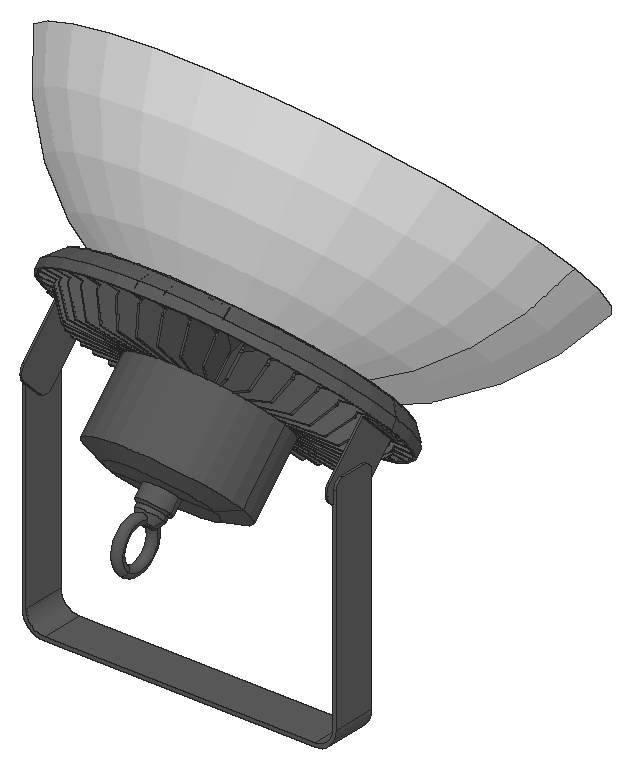
Revit family "0039344+0039353+0039356 Feilo Sylvania Lighting Fixture START HIGHBAY 4K 13KLM MEDIUM with BRACKET and ALU SHADE ALU COLOR", category Lighting Fixtures, host Face, Revit 2017
Family settings
  Host = Face
  Round Connector Dimension = Use Diameter
  Part Type = Normal
  OmniClass Number = 23.80.70.00
  OmniClass Title = Lighting
  Cut with Voids When Loaded = No
  Light Source = No
  Shared = No
  Room Calculation Point = No
Parameters (values of type "0039344+0039353+0039356 START HIGHBAY 4K 13KLM MEDIUM with BRACKET and ALU SHADE ALU COLOR")
  Weight = "3.0 kg"
  Wattage Comments = ""
  WarrantyStartDate [instance] = "n/a"
  WarrantyGuarantorParts = "n/a"
  WarrantyDurationUnit = "n/a"
  WarrantyDurationParts = "n/a"
  WarrantyDescription = "n/a"
  Voltage = 230 V
  URL = "http://www.sylvania-lighting.com"
  TypeName = "START HIGHBAY 4K 13KLM MEDIUM with BRACKET and ALU SHADE ALU COLOR"
  TypeHead_FEILO = Start LED Highbay Head : 0039344+0039353+0039356 START HIGHBAY 4K 13KLM MEDIUM with BRACKET and ALU SHADE ALU COLOR
  Type Image = <None>
  Type Comments = "n/a"
  TiltAngle_FEILO [instance] = 45.00°
  ThicknessBracketPlate_FEILO = 3 mm
  SizeBracketS_FEILO = yes
  SizeBracketM_FEILO = no
  SerialNumber [instance] = "n/a"
  RadiusBracketTop_FEILO = 7 mm
  RadiusBendOut_FEILO = if(SizeBracketS_FEILO, 18 mm, if(SizeBracketM_FEILO, 24 mm, 28 mm))  # 18 mm
  RadiusBendIn_FEILO = RadiusBendOut_FEILO - ThicknessBracketPlate_FEILO  # 15 mm
  Material_3_FEILO = none
  PowerFactor = 0.95
  PowerConsumption = "100 W"
  NominalLength = 270 mm
  NominalHeight = 170 mm
  NominalDepth = 270 mm
  Name = "START HIGHBAY 4K 13KLM MEDIUM with BRACKET and ALU SHADE ALU COLOR"
  ModelReference = Name  # "START HIGHBAY 4K 13KLM MEDIUM with BRACKET and ALU SHADE ALU COLOR"
  ModelNumber = "0039344+0039353+0039356"
  Model = Name  # "START HIGHBAY 4K 13KLM MEDIUM with BRACKET and ALU SHADE ALU COLOR"
  Material = "aluminium alloy housing, polycarbonate diffuser"
  ManufacturerName = "Feilo Sylvania"
  Manufacturer = "Feilo Sylvania"
  LuminousEfficacy = "130 lm/W"
  LuminaireType = ""
  LightOutputRatio = "n/a"
  LampsType = Lamp  # "LED"
  LampNominalLuminous = "13000 lm"
  LampMacAdamStep = "n/a"
  LampColourTemperature = "4000 K"
  LampColourRenderingIndex = "80"
  Lamp = "LED"
  Keynote = "16500"
  InstallationDate [instance] = "n/a"
  InputVoltage = "220-240V~"
  InputNominalFrequency = "50/60 Hz"
  IngressProtection = "IP65"
  ImpactProtectionIndex = "IK08"
  IfcExportType = "IfcLightFixtureType"
  IfcExportAs = "IfcLightFixtureType"
  ExpectedLife = 50000
  EndAngle_FEILO [instance] = TiltAngle_FEILO + 180.00°  # 225.00°
  ElectricShockClassification = "Class I"
  DurationUnit = "hours"
  DocumentationLiterature = "http://www.sylvania-lighting.com/product/en-int/products/0039344"
  DimmingControlOptions = "n/a"
  Material_2_FEILO = none
  Description = "START HIGHBAY, includes 1 m cables, black aluminium housing, 13000LM, 100W, 130lm/W, 4000K, Driver current: 2140mA, CR80, 60° beam angle, 1-10V dimmable,  IP65, IK08, 50,000 hrs (L70B50), (LxWxH) 270x270x170mm"
  Default Elevation = 1219.2 mm
  CreatedOn = "2/28/2018"
  CreatedBy = ""
  Cost = 0
  built-in parameter 1114216 [instance] = (empty or 0)
  ClassificationValue = "EF_70_80"
  ClassificationName = "Uniclass2015"
  Material_1_FEILO = Body-Sylvania-StartHighbay-Black
  BracketHeight_FEILO = if(SizeBracketS_FEILO, 199.5 mm, if(SizeBracketM_FEILO, 209.6 mm, 201.3 mm))  # 199.5 mm
  BracketDistanceInner_FEILO = if(SizeBracketS_FEILO, 249.4 mm, if(SizeBracketM_FEILO, 273.6 mm, 313.2 mm))  # 249.4 mm
  BarCode [instance] = "n/a"
  AssetType = "Fixed"
  AssetIdentifier [instance] = "n/a"
  Assembly Code = "D5020200"
  Apparent Load = 100 VA
  Material_4_FEILO = none
Reference planes
  plane 1 "Center (Front/Back)": y = 0
  plane 2: z = 0
  plane 3 "Center (Left/Right)": x = 0
  plane 4: x = -127.7
  plane 5: x = 127.7
  plane 6: z = 199.5
  plane 7: x = -124.7
  plane 8: z = 3
  plane 9: x = 124.7
  plane 10: y = 17.5
  plane 11: y = -17.5
  plane 12: y = -19.5
  plane 13: z = 201.5
  plane 14: y = 19.5
  plane 15: z = 190.5
Forms (mm)
  Extrusion 1, solid, material "Body-Sylvania-StartHighbay-Black" <- "Material_1_FEILO"
    sketch origin (0, 0, 0) x (1, 0, 0) y (0, 0, 1)
      loop
        line (-127.7, 199.5) -> (-127.7, 18)
        arc (-127.7, 18) -> (-122.428, 5.272) -> (-109.7, 0) r 18
        line (-109.7, 0) -> (109.7, 0)
        arc (109.7, 0) -> (122.428, 5.272) -> (127.7, 18) r 18
        line (127.7, 18) -> (127.7, 199.5) -> (124.7, 199.5) -> (124.7, 18)
        arc (124.7, 18) -> (120.307, 7.393) -> (109.7, 3) r 15
        line (109.7, 3) -> (-109.7, 3)
        arc (-109.7, 3) -> (-120.307, 7.393) -> (-124.7, 18) r 15
        line (-124.7, 18) -> (-124.7, 199.5) -> (-127.7, 199.5)
    from -17.5 to 17.5
  Extrusion 2, void
    sketch origin (0, 0, 0) x (0, 1, 0) y (0, 0, 1)
      loop
        arc (10.5, 199.5) -> (15.45, 197.45) -> (17.5, 192.5) r 7
        line (17.5, 192.5) -> (19.5, 192.5) -> (19.5, 201.5) -> (-19.5, 201.5) -> (-19.5, 192.5) -> (-17.5, 192.5)
        arc (-17.5, 192.5) -> (-15.45, 197.45) -> (-10.5, 199.5) r 7
        line (-10.5, 199.5) -> (10.5, 199.5)
    from -127.7 to 127.7
  Revolve 3, solid, not visible
    sketch origin (1223.4, -4572, 190.5) x (0, -1, 0) y (1, 0, 0)
      loop
        line (-4572, -1223.4) -> (-4591.5, -1223.4) -> (-4591.5, -1277.783) -> (-4572, -1277.783) -> (-4572, -1223.4)
      axis (-4572, -1223.4) -> (-4572, -1277.783)
    angle from 45 <- "TiltAngle_FEILO" to 225 <- "EndAngle_FEILO"
Cuts and joins
  Extrusion 2 cuts Extrusion 1
Dimensions and locks
  "BracketHeight_FEILO": plane 6 to plane 2
  equal spacing: plane 11, plane 1 "Center (Front/Back)", plane 10
  locked: plane 11 to plane 10 at 35
  equal spacing: plane 9, plane 3 "Center (Left/Right)", plane 7
  "BracketDistanceInner_FEILO": plane 9 to plane 7
  "ThicknessBracketPlate_FEILO": plane 7 to plane 4
  "ThicknessBracketPlate_FEILO": plane 8 to plane 2
  equal spacing: plane 5, plane 3 "Center (Left/Right)", plane 4
  equal spacing: plane 12, plane 1 "Center (Front/Back)", plane 14
  locked: plane 6 to plane 13 at 2
  locked: plane 12 to plane 11 at 2
  locked: plane 6 to plane 15 at 9
  "RadiusBendOut_FEILO": radius of Extrusion 1 sketch curve  (x2)
  "RadiusBendIn_FEILO": radius of Extrusion 1 sketch curve  (x2)
  "RadiusBracketTop_FEILO": radius of Extrusion 2 sketch curve  (x2)
  aligned and locked: plane 2 to host face
  aligned and locked: level to host face
  aligned and locked: Extrusion 1 sketch curve to plane 4
  aligned and locked: Extrusion 1 sketch curve to level
  aligned and locked: plane 6 to Extrusion 1 sketch curve
  aligned and locked: Extrusion 1 sketch curve to plane 6
  aligned and locked: Extrusion 1 sketch curve to plane 7
  aligned and locked: plane 9 to Extrusion 1 sketch curve
  aligned and locked: plane 8 to Extrusion 1 sketch curve
  aligned and locked: Extrusion 1 to plane 10
  aligned and locked: plane 11 to Extrusion 1
  aligned and locked: Extrusion 1 to Extrusion 2 sketch curve
  aligned and locked: plane 14 to Extrusion 2 sketch curve  (x2)
  aligned and locked: Extrusion 2 sketch curve to plane 12
  aligned and locked: plane 13 to Extrusion 2 sketch curve
  aligned and locked: plane 5 to Extrusion 2
  aligned and locked: Extrusion 2 to plane 4
  aligned and locked: Revolve 3 sketch curve to plane 1 "Center (Front/Back)"
  aligned and locked: Revolve 3 sketch curve to Revolve 3 sketch curve
  aligned and locked: plane 3 "Center (Left/Right)" to Revolve 3 sketch curve
  aligned and locked: Revolve 3 sketch curve to plane 14
  aligned and locked: nested 1 to plane 3 "Center (Left/Right)"
Automatic sketch dimensions
  host sketch curve to host sketch curve = 2438.4 mm  (x2)
  Revolve 3 sketch curve to Revolve 3 sketch curve = 54.383 mm
  Revolve 3 sketch curve to plane 4 = 1396.3 mm
  plane 5 to Revolve 3 sketch curve = 1396.3 mm
  Extrusion 1 sketch curve to Extrusion 1 sketch curve = 0 mm
  Extrusion 2 sketch curve to plane 11 = 0 mm
  Extrusion 2 sketch curve to plane 10 = 0 mm
Nested families
  nested 1: "Start LED Highbay Head" at (0, 0, 190.5) x (-1, 0, 0) z (0, 0.7071, 0.7071), type <- "TypeHead_FEILO", type "0039344+0039353+0039356 START HIGHBAY 4K 13KLM MEDIUM with BRACKET and ALU SHADE ALU COLOR"
    with built-in parameter 1114216 (empty or 0)
Connectors
  electrical at (0, 0, 0), driven by "Apparent Load", driven by "PowerFactor", driven by "Voltage"
    settings: index 1, voltage 230 V, apparent load 100 VA, apparent load phase1 0 VA, apparent load phase2 0 VA, apparent load phase3 0 VA, power factor 0.95, load classification "Lighting", number of poles 1, system type 30, power factor state 1, is connector primary yes, connector utility no, sub classification motor no, connector description ""
Definition of nested family "Start LED Highbay Head"
  Parameters (values of type "0039351+0039354+0039358 START HIGHBAY 6K 19KLM WIDE with BRACKET and PC LAMPSHADE TRANSPARENT ")
    X_FEILO = if(SizeS_FEILO, 60.3 mm, if(SizeM_FEILO, 70.4 mm, 83.5 mm))  # 70.4 mm
    WidthStraight_FEILO = if(SizeS_FEILO, 3 mm, if(SizeM_FEILO, 4 mm, 4.7 mm))  # 4 mm
    WidthRingChamfer_FEILO = if(SizeS_FEILO, 10.3 mm, if(SizeM_FEILO, 11.2 mm, 12.9 mm))  # 11.2 mm
    WidthCurved_FEILO = if(SizeS_FEILO, 17.4 mm, if(SizeM_FEILO, 16.4 mm, 26.2 mm))  # 16.4 mm
    WidthCurvedRing_FEILO = if(SizeS_FEILO, 3 mm, if(SizeM_FEILO, 4 mm, 4.7 mm))  # 4 mm
    WidthBracket_FEILO = 40 mm
    Wattage Comments = ""
    Wattage = 150 W
    built-in parameter 1150110 = 1 (stored number, unit not read)
    URL = "http://www.feilosylvania.com"
    Type Image = (empty or 0)
    Type Comments = "n/a"
    built-in parameter 1114217 = 1 (stored number, unit not read)
    Tilt Angle = -90.00°
    ThicknessWall_FEILO = 1.5 mm
    ThicknessBracket_FEILO = 1.5 mm
    ThicknessBracketHalf_FEILO = ThicknessBracket_FEILO / 2  # 0.75 mm
    built-in parameter 1150109 = 1 (stored number, unit not read)
    built-in parameter 1150134 = 1
    built-in parameter 1150113 = 1 (stored number, unit not read)
    SizeS_FEILO = no
    SizeM_FEILO = yes
    ShadeThickness_FEILO = 3 mm
    ShadeSizeSM_FEILO = or(SizeS_FEILO, SizeM_FEILO)  # yes
    ShadeRadiusOut_FEILO = 205 mm
    ShadeRadiusIn_FEILO = if(ShadeSizeSM_FEILO, 95 mm, 121 mm)  # 95 mm
    ShadeRadiusBend_FEILO = if(ShadeSizeSM_FEILO, 210 mm, 210 mm)  # 210 mm
    ShadeOn_FEILO = yes
    ShadeHeight_FEILO = if(ShadeSizeSM_FEILO, 120 mm, 151 mm)  # 120 mm
    Rib4_FEILO = if(SizeS_FEILO, 18.1 mm, if(SizeM_FEILO, 13.6 mm, 14.6 mm))  # 13.6 mm
    Rib3_FEILO = if(SizeS_FEILO, 15.3 mm, if(SizeM_FEILO, 17.6 mm, 20.2 mm))  # 17.6 mm
    Rib2_FEILO = if(SizeS_FEILO, 3.6 mm, if(SizeM_FEILO, 3.9 mm, 4.5 mm))  # 3.9 mm
    Rib1_FEILO = if(SizeS_FEILO, 15.1 mm, if(SizeM_FEILO, 16.5 mm, 19 mm))  # 16.5 mm
    RadiusDiffuser_FEILO = if(SizeS_FEILO, 95.2 mm, if(SizeM_FEILO, 105.3 mm, 120 mm))  # 105.3 mm
    RadiusArrayPost_FEILO = DriverRadius_FEILO - 6 mm  # 61.2 mm
    RHRadius3_FEILO = if(SizeS_FEILO, 6.6 mm, if(SizeM_FEILO, 7.4 mm, 8.6 mm))  # 7.4 mm
    RHRadius2_FEILO = if(SizeS_FEILO, 11 mm, if(SizeM_FEILO, 12 mm, 14 mm))  # 12 mm
    RHRadius1_FEILO = if(SizeS_FEILO, 13.6 mm, if(SizeM_FEILO, 14.9 mm, 17.7 mm))  # 14.9 mm
    RHHeight4_FEILO = if(SizeS_FEILO, 7.3 mm, if(SizeM_FEILO, 8 mm, 9.2 mm))  # 8 mm
    RHHeight3_FEILO = if(SizeS_FEILO, 3.6 mm, if(SizeM_FEILO, 3.7 mm, 4.6 mm))  # 3.7 mm
    RHHeight2_FEILO = if(SizeS_FEILO, 2 mm, if(SizeM_FEILO, 2.2 mm, 2.6 mm))  # 2.2 mm
    RHHeight1_FEILO = if(SizeS_FEILO, 11.8 mm, if(SizeM_FEILO, 15.3 mm, 17.4 mm))  # 15.3 mm
    Photometric Web File = "0039351+0039358.ies"
    Material_5_FEILO = none
    Material_3_FEILO = none
    Model = "START HIGHBAY 6K 19KLM WIDE with BRACKET and PC LAMPSHADE TRANSPARENT"
    Manufacturer = "Feilo Sylvania"
    built-in parameter 1150105 = 10854.2 (stored number, unit not read)
    Lumens = 19500 lm
    built-in parameter 1150115 = 1 (stored number, unit not read)
    built-in parameter 1150137 = (empty or 0)
    built-in parameter 1150139 = (empty or 0)
    built-in parameter 1150112 = 1 (stored number, unit not read)
    built-in parameter 1150114 = 1 (stored number, unit not read)
    Lamp = "LED"
    Keynote = "16500"
    built-in parameter 1150132 = (empty or 0)
    built-in parameter 1150102 = (empty or 0)
    built-in parameter 1150107 = 6500 (stored number, unit not read)
    built-in parameter 1150138 = (empty or 0)
    built-in parameter 1150106 = 108.54 (stored number, unit not read)
    HeightRing_FEILO = if(SizeS_FEILO, 19.8 mm, if(SizeM_FEILO, 32 mm, 36.8 mm))  # 32 mm
    HeightRingChamfer_FEILO = if(SizeS_FEILO, 11.7 mm, if(SizeM_FEILO, 23.2 mm, 26.6 mm))  # 23.2 mm
    EyeThickness_FEILO = if(SizeS_FEILO, 8.4 mm, if(SizeM_FEILO, 9.2 mm, 10.5 mm))  # 9.2 mm
    EyeThicknessHalf_FEILO = EyeThickness_FEILO / 2  # 4.6 mm
    EyeInner_FEILO = if(SizeS_FEILO, 13.8 mm, if(SizeM_FEILO, 15.1 mm, 17.3 mm))  # 15.1 mm
    Emit from Circle Diameter = RadiusDiffuser_FEILO * 2  # 210.6 mm
    Emit Shape Visible in Rendering = no
    built-in parameter 1150104 = 12.077 (stored number, unit not read)
    DriverVerticalStraight_FEILO = if(SizeS_FEILO, 46.5 mm, if(SizeM_FEILO, 49.7 mm, 57 mm))  # 49.7 mm
    DriverVerticalChamfer_FEILO = if(SizeS_FEILO, 7.5 mm, if(SizeM_FEILO, 8.2 mm, 9.5 mm))  # 8.2 mm
    DriverRadius_FEILO = if(SizeS_FEILO, 61.4 mm, if(SizeM_FEILO, 67.2 mm, 76.4 mm))  # 67.2 mm
    DriverRadiusTop_FEILO = if(SizeS_FEILO, 42 mm, if(SizeM_FEILO, 45.3 mm, 52.4 mm))  # 45.3 mm
    DriverBottom_FEILO = if(SizeS_FEILO, 56 mm, if(SizeM_FEILO, 64.5 mm, 74 mm))  # 64.5 mm
    Material_2_FEILO = none
    Radius_FEILO = if(SizeS_FEILO, 135 mm, if(SizeM_FEILO, 148 mm, 169.5 mm))  # 148 mm
    Dimming Lamp Color Temperature Shift = (empty or 0)
    DiameterWire_FEILO = 3 mm
    DiameterWireSupport_FEILO = 10 mm
    Description = "START HIGHBAY, includes 1 m cables, black aluminium housing, 19500LM, 150W, 130lm/W, 6500K, Driver current: 2140mA, CR80, 60° beam angle, 1-10V dimmable,  IP65, IK08, 50,000 hrs (L70B50), (LxWxH) 296x296x177mm"
    Default Elevation = 1219.2 mm
    Cost = 0
    Color Filter = 16777215
    built-in parameter 1114216 [instance] = (empty or 0)
    Material_1_FEILO = none
    built-in parameter 1114218 = 1 (stored number, unit not read)
    built-in parameter 1150133 = 10 (stored number, unit not read)
    Assembly Code = "D5020200"
    Apparent Load = 150 VA
    Material_4_FEILO = none
  Types (36, lengths in mm): name | X_FEILO | WidthStraight_FEILO | WidthRingChamfer_FEILO | WidthCurved_FEILO | WidthCurvedRing_FEILO | Wattage | built-in parameter 1150134 | SizeS_FEILO | SizeM_FEILO | ShadeSizeSM_FEILO | ShadeRadiusIn_FEILO | ShadeOn_FEILO | ShadeHeight_FEILO | Rib4_FEILO | Rib3_FEILO | Rib2_FEILO | Rib1_FEILO | RadiusDiffuser_FEILO | RadiusArrayPost_FEILO | RHRadius3_FEILO | RHRadius2_FEILO | RHRadius1_FEILO | RHHeight4_FEILO | RHHeight3_FEILO | RHHeight2_FEILO | RHHeight1_FEILO | Photometric Web File | Model | built-in parameter 1150105 | Lumens | built-in parameter 1150107 | built-in parameter 1150106 | HeightRing_FEILO | HeightRingChamfer_FEILO | EyeThickness_FEILO | EyeThicknessHalf_FEILO | EyeInner_FEILO | Emit from Circle Diameter | DriverVerticalStraight_FEILO | DriverVerticalChamfer_FEILO | DriverRadius_FEILO | DriverRadiusTop_FEILO | DriverBottom_FEILO | Radius_FEILO | Description | Apparent Load
    0039352+0039355+0039361 START HIGHBAY 6K 26KLM WIDE with BRACKET and PC LAMPSHADE TRANSPARENT | 83.5 | 4.7 | 12.9 | 26.2 | 4.7 | 200 W | 1 | no | no | no | 121 | yes | 151 | 14.6 | 20.2 | 4.5 | 19 | 120 | 70.4 | 8.6 | 14 | 17.7 | 9.2 | 4.6 | 2.6 | 17.4 | "0039352+0039361.ies" | "START HIGHBAY 6K 26KLM WIDE with BRACKET and PC LAMPSHADE TRANSPARENT" | 17911 (stored number, unit not read) | 26000 lm | 6500 (stored number, unit not read) | 179.11 (stored number, unit not read) | 36.8 | 26.6 | 10.5 | 5.25 | 17.3 | 240 | 57 | 9.5 | 76.4 | 52.4 | 74 | 169.5 | "START HIGHBAY, includes 1 m cables, black aluminium housing, 26000LM, 200W, 130lm/W, 6500K, Driver current: 5000mA, CR80, 60° beam angle, 1-10V dimmable,  IP65, IK08, 50,000 hrs (L70B50), (LxWxH) 339x339x194mm" | 200 VA
    0039352+0039355+0039360 START HIGHBAY 6K 26KLM WIDE with BRACKET and ALU SHADE BLACK COLOR | 83.5 | 4.7 | 12.9 | 26.2 | 4.7 | 200 W | 1 | no | no | no | 121 | yes | 151 | 14.6 | 20.2 | 4.5 | 19 | 120 | 70.4 | 8.6 | 14 | 17.7 | 9.2 | 4.6 | 2.6 | 17.4 | "0039352+0039360.ies" | "START HIGHBAY 6K 26KLM WIDE with BRACKET and ALU SHADE BLACK COLOR" | 14870 (stored number, unit not read) | 26000 lm | 6500 (stored number, unit not read) | 148.7 (stored number, unit not read) | 36.8 | 26.6 | 10.5 | 5.25 | 17.3 | 240 | 57 | 9.5 | 76.4 | 52.4 | 74 | 169.5 | "START HIGHBAY, includes 1 m cables, black aluminium housing, 26000LM, 200W, 130lm/W, 6500K, Driver current: 5000mA, CR80, 60° beam angle, 1-10V dimmable,  IP65, IK08, 50,000 hrs (L70B50), (LxWxH) 339x339x194mm" | 200 VA
    0039352+0039355+0039359 START HIGHBAY 6K 26KLM WIDE with BRACKET and ALU SHADE ALU COLOR | 83.5 | 4.7 | 12.9 | 26.2 | 4.7 | 200 W | 1 | no | no | no | 121 | yes | 151 | 14.6 | 20.2 | 4.5 | 19 | 120 | 70.4 | 8.6 | 14 | 17.7 | 9.2 | 4.6 | 2.6 | 17.4 | "0039352+0039359.ies" | "START HIGHBAY 6K 26KLM WIDE with BRACKET and ALU SHADE ALU COLOR" | 14870 (stored number, unit not read) | 26000 lm | 6500 (stored number, unit not read) | 148.7 (stored number, unit not read) | 36.8 | 26.6 | 10.5 | 5.25 | 17.3 | 240 | 57 | 9.5 | 76.4 | 52.4 | 74 | 169.5 | "START HIGHBAY, includes 1 m cables, black aluminium housing, 26000LM, 200W, 130lm/W, 6500K, Driver current: 5000mA, CR80, 60° beam angle, 1-10V dimmable,  IP65, IK08, 50,000 hrs (L70B50), (LxWxH) 339x339x194mm" | 200 VA
    0039352+0039355 START HIGHBAY 6K 26KLM WIDE with BRACKET | 83.5 | 4.7 | 12.9 | 26.2 | 4.7 | 200 W | 1 | no | no | no | 121 | no | 151 | 14.6 | 20.2 | 4.5 | 19 | 120 | 70.4 | 8.6 | 14 | 17.7 | 9.2 | 4.6 | 2.6 | 17.4 | "0039352.ies" | "START HIGHBAY 6K 26KLM WIDE with BRACKET" | 13836.2 (stored number, unit not read) | 26000 lm | 6500 (stored number, unit not read) | 138.36 (stored number, unit not read) | 36.8 | 26.6 | 10.5 | 5.25 | 17.3 | 240 | 57 | 9.5 | 76.4 | 52.4 | 74 | 169.5 | "START HIGHBAY, includes 1 m cables, black aluminium housing, 26000LM, 200W, 130lm/W, 6500K, Driver current: 5000mA, CR80, 60° beam angle, 1-10V dimmable,  IP65, IK08, 50,000 hrs (L70B50), (LxWxH) 339x339x194mm" | 200 VA
    0039351+0039354+0039358 START HIGHBAY 6K 19KLM WIDE with BRACKET and PC LAMPSHADE TRANSPARENT | 70.4 | 4 | 11.2 | 16.4 | 4 | 150 W | 1 | no | yes | yes | 95 | yes | 120 | 13.6 | 17.6 | 3.9 | 16.5 | 105.3 | 61.2 | 7.4 | 12 | 14.9 | 8 | 3.7 | 2.2 | 15.3 | "0039351+0039358.ies" | "START HIGHBAY 6K 19KLM WIDE with BRACKET and PC LAMPSHADE TRANSPARENT" | 10854.2 (stored number, unit not read) | 19500 lm | 6500 (stored number, unit not read) | 108.54 (stored number, unit not read) | 32 | 23.2 | 9.2 | 4.6 | 15.1 | 210.6 | 49.7 | 8.2 | 67.2 | 45.3 | 64.5 | 148 | "START HIGHBAY, includes 1 m cables, black aluminium housing, 19500LM, 150W, 130lm/W, 6500K, Driver current: 2140mA, CR80, 60° beam angle, 1-10V dimmable,  IP65, IK08, 50,000 hrs (L70B50), (LxWxH) 296x296x177mm" | 150 VA
    0039351+0039354+0039357 START HIGHBAY 6K 19KLM WIDE with BRACKET and ALU SHADE BLACK COLOR | 70.4 | 4 | 11.2 | 16.4 | 4 | 150 W | 1 | no | yes | yes | 95 | yes | 120 | 13.6 | 17.6 | 3.9 | 16.5 | 105.3 | 61.2 | 7.4 | 12 | 14.9 | 8 | 3.7 | 2.2 | 15.3 | "0039351+0039357.ies" | "START HIGHBAY 6K 19KLM WIDE with BRACKET and ALU SHADE BLACK COLOR" | 11152.5 (stored number, unit not read) | 19500 lm | 6500 (stored number, unit not read) | 111.52 (stored number, unit not read) | 32 | 23.2 | 9.2 | 4.6 | 15.1 | 210.6 | 49.7 | 8.2 | 67.2 | 45.3 | 64.5 | 148 | "START HIGHBAY, includes 1 m cables, black aluminium housing, 19500LM, 150W, 130lm/W, 6500K, Driver current: 2140mA, CR80, 60° beam angle, 1-10V dimmable,  IP65, IK08, 50,000 hrs (L70B50), (LxWxH) 296x296x177mm" | 150 VA
    0039351+0039354+0039356 START HIGHBAY 6K 19KLM WIDE with BRACKET and ALU SHADE ALU COLOR | 70.4 | 4 | 11.2 | 16.4 | 4 | 150 W | 1 | no | yes | yes | 95 | yes | 120 | 13.6 | 17.6 | 3.9 | 16.5 | 105.3 | 61.2 | 7.4 | 12 | 14.9 | 8 | 3.7 | 2.2 | 15.3 | "0039351+0039356.ies" | "START HIGHBAY 6K 19KLM WIDE with BRACKET and ALU SHADE ALU COLOR" | 11152.5 (stored number, unit not read) | 19500 lm | 6500 (stored number, unit not read) | 111.52 (stored number, unit not read) | 32 | 23.2 | 9.2 | 4.6 | 15.1 | 210.6 | 49.7 | 8.2 | 67.2 | 45.3 | 64.5 | 148 | "START HIGHBAY, includes 1 m cables, black aluminium housing, 19500LM, 150W, 130lm/W, 6500K, Driver current: 2140mA, CR80, 60° beam angle, 1-10V dimmable,  IP65, IK08, 50,000 hrs (L70B50), (LxWxH) 296x296x177mm" | 150 VA
    0039351+0039354 START HIGHBAY 6K 19KLM WIDE with BRACKET | 70.4 | 4 | 11.2 | 16.4 | 4 | 150 W | 1 | no | yes | yes | 95 | no | 120 | 13.6 | 17.6 | 3.9 | 16.5 | 105.3 | 61.2 | 7.4 | 12 | 14.9 | 8 | 3.7 | 2.2 | 15.3 | "0039351.ies" | "START HIGHBAY 6K 19KLM WIDE with BRACKET" | 10377.1 (stored number, unit not read) | 19500 lm | 6500 (stored number, unit not read) | 103.77 (stored number, unit not read) | 32 | 23.2 | 9.2 | 4.6 | 15.1 | 210.6 | 49.7 | 8.2 | 67.2 | 45.3 | 64.5 | 148 | "START HIGHBAY, includes 1 m cables, black aluminium housing, 19500LM, 150W, 130lm/W, 6500K, Driver current: 2140mA, CR80, 60° beam angle, 1-10V dimmable,  IP65, IK08, 50,000 hrs (L70B50), (LxWxH) 296x296x177mm" | 150 VA
    0039350+0039353+0039358 START HIGHBAY 6K 13KLM WIDE with BRACKET and PC LAMPSHADE TRANSPARENT | 60.3 | 3 | 10.3 | 17.4 | 3 | 100 W | 1 | yes | no | yes | 95 | yes | 120 | 18.1 | 15.3 | 3.6 | 15.1 | 95.2 | 55.4 | 6.6 | 11 | 13.6 | 7.3 | 3.6 | 2 | 11.8 | "0039350+0039358.ies" | "START HIGHBAY 6K 13KLM WIDE with BRACKET and PC LAMPSHADE TRANSPARENT" | 7236.1 (stored number, unit not read) | 13000 lm | 6500 (stored number, unit not read) | 72.361 (stored number, unit not read) | 19.8 | 11.7 | 8.4 | 4.2 | 13.8 | 190.4 | 46.5 | 7.5 | 61.4 | 42 | 56 | 135 | "START HIGHBAY, includes 1 m cables, black aluminium housing, 13000LM, 100W, 130lm/W, 6500K, Driver current: 2140mA, CR80, 60° beam angle, 1-10V dimmable,  IP65, IK08, 50,000 hrs (L70B50), (LxWxH) 270x270x170mm" | 100 VA
    0039350+0039353+0039357 START HIGHBAY 6K 13KLM WIDE with BRACKET and ALU SHADE BLACK COLOR | 60.3 | 3 | 10.3 | 17.4 | 3 | 100 W | 1 | yes | no | yes | 95 | yes | 120 | 18.1 | 15.3 | 3.6 | 15.1 | 95.2 | 55.4 | 6.6 | 11 | 13.6 | 7.3 | 3.6 | 2 | 11.8 | "0039350+0039357.ies" | "START HIGHBAY 6K 13KLM WIDE with BRACKET and ALU SHADE BLACK COLOR" | 7435 (stored number, unit not read) | 13000 lm | 6500 (stored number, unit not read) | 74.35 (stored number, unit not read) | 19.8 | 11.7 | 8.4 | 4.2 | 13.8 | 190.4 | 46.5 | 7.5 | 61.4 | 42 | 56 | 135 | "START HIGHBAY, includes 1 m cables, black aluminium housing, 13000LM, 100W, 130lm/W, 6500K, Driver current: 2140mA, CR80, 60° beam angle, 1-10V dimmable,  IP65, IK08, 50,000 hrs (L70B50), (LxWxH) 270x270x170mm" | 100 VA
    0039350+0039353+0039356 START HIGHBAY 6K 13KLM WIDE with BRACKET and ALU SHADE ALU COLOR | 60.3 | 3 | 10.3 | 17.4 | 3 | 100 W | 1 | yes | no | yes | 95 | yes | 120 | 18.1 | 15.3 | 3.6 | 15.1 | 95.2 | 55.4 | 6.6 | 11 | 13.6 | 7.3 | 3.6 | 2 | 11.8 | "0039350+0039356.ies" | "START HIGHBAY 6K 13KLM WIDE with BRACKET and ALU SHADE ALU COLOR" | 7435 (stored number, unit not read) | 13000 lm | 6500 (stored number, unit not read) | 74.35 (stored number, unit not read) | 19.8 | 11.7 | 8.4 | 4.2 | 13.8 | 190.4 | 46.5 | 7.5 | 61.4 | 42 | 56 | 135 | "START HIGHBAY, includes 1 m cables, black aluminium housing, 13000LM, 100W, 130lm/W, 6500K, Driver current: 2140mA, CR80, 60° beam angle, 1-10V dimmable,  IP65, IK08, 50,000 hrs (L70B50), (LxWxH) 270x270x170mm" | 100 VA
    0039350+0039353 START HIGHBAY 6K 13KLM WIDE with BRACKET | 60.3 | 3 | 10.3 | 17.4 | 3 | 100 W | 1 | yes | no | yes | 95 | no | 120 | 18.1 | 15.3 | 3.6 | 15.1 | 95.2 | 55.4 | 6.6 | 11 | 13.6 | 7.3 | 3.6 | 2 | 11.8 | "0039350.ies" | "START HIGHBAY 6K 13KLM WIDE with BRACKET" | 6918.1 (stored number, unit not read) | 13000 lm | 6500 (stored number, unit not read) | 69.181 (stored number, unit not read) | 19.8 | 11.7 | 8.4 | 4.2 | 13.8 | 190.4 | 46.5 | 7.5 | 61.4 | 42 | 56 | 135 | "START HIGHBAY, includes 1 m cables, black aluminium housing, 13000LM, 100W, 130lm/W, 6500K, Driver current: 2140mA, CR80, 60° beam angle, 1-10V dimmable,  IP65, IK08, 50,000 hrs (L70B50), (LxWxH) 270x270x170mm" | 100 VA
    0039349+0039355+0039361 START HIGHBAY 4K 26KLM WIDE with BRACKET and PC LAMPSHADE TRANSPARENT FOR | 83.5 | 4.7 | 12.9 | 26.2 | 4.7 | 200 W | 12 | no | no | no | 121 | yes | 151 | 14.6 | 20.2 | 4.5 | 19 | 120 | 70.4 | 8.6 | 14 | 17.7 | 9.2 | 4.6 | 2.6 | 17.4 | "0039349+0039361.ies" | "START HIGHBAY 4K 26KLM WIDE with BRACKET and PC LAMPSHADE TRANSPARENT FOR" | 17911 (stored number, unit not read) | 26000 lm | 4000 (stored number, unit not read) | 179.11 (stored number, unit not read) | 36.8 | 26.6 | 10.5 | 5.25 | 17.3 | 240 | 57 | 9.5 | 76.4 | 52.4 | 74 | 169.5 | "START HIGHBAY, includes 1 m cables, black aluminium housing, 26000LM, 200W, 130lm/W, 4000K, Driver current: 5000mA, CR80, 90° beam angle, 1-10V dimmable,  IP65, IK08, 50,000 hrs (L70B50), (LxWxH) 339x339x194mm" | 200 VA
    0039349+0039355+0039360 START HIGHBAY 4K 26KLM WIDE with BRACKET and ALU SHADE BLACK COLOR | 83.5 | 4.7 | 12.9 | 26.2 | 4.7 | 200 W | 12 | no | no | no | 121 | yes | 151 | 14.6 | 20.2 | 4.5 | 19 | 120 | 70.4 | 8.6 | 14 | 17.7 | 9.2 | 4.6 | 2.6 | 17.4 | "0039349+0039360.ies" | "START HIGHBAY 4K 26KLM WIDE with BRACKET and ALU SHADE BLACK COLOR" | 14870 (stored number, unit not read) | 26000 lm | 4000 (stored number, unit not read) | 148.7 (stored number, unit not read) | 36.8 | 26.6 | 10.5 | 5.25 | 17.3 | 240 | 57 | 9.5 | 76.4 | 52.4 | 74 | 169.5 | "START HIGHBAY, includes 1 m cables, black aluminium housing, 26000LM, 200W, 130lm/W, 4000K, Driver current: 5000mA, CR80, 90° beam angle, 1-10V dimmable,  IP65, IK08, 50,000 hrs (L70B50), (LxWxH) 339x339x194mm" | 200 VA
    0039349+0039355+0039359 START HIGHBAY 4K 26KLM WIDE with BRACKET and ALU SHADE ALU COLOR | 83.5 | 4.7 | 12.9 | 26.2 | 4.7 | 200 W | 12 | no | no | no | 121 | yes | 151 | 14.6 | 20.2 | 4.5 | 19 | 120 | 70.4 | 8.6 | 14 | 17.7 | 9.2 | 4.6 | 2.6 | 17.4 | "0039349+0039359.ies" | "START HIGHBAY 4K 26KLM WIDE with BRACKET and ALU SHADE ALU COLOR" | 14870 (stored number, unit not read) | 26000 lm | 4000 (stored number, unit not read) | 148.7 (stored number, unit not read) | 36.8 | 26.6 | 10.5 | 5.25 | 17.3 | 240 | 57 | 9.5 | 76.4 | 52.4 | 74 | 169.5 | "START HIGHBAY, includes 1 m cables, black aluminium housing, 26000LM, 200W, 130lm/W, 4000K, Driver current: 5000mA, CR80, 90° beam angle, 1-10V dimmable,  IP65, IK08, 50,000 hrs (L70B50), (LxWxH) 339x339x194mm" | 200 VA
    0039349+0039355 START HIGHBAY 4K 26KLM WIDE with BRACKET | 83.5 | 4.7 | 12.9 | 26.2 | 4.7 | 200 W | 12 | no | no | no | 121 | no | 151 | 14.6 | 20.2 | 4.5 | 19 | 120 | 70.4 | 8.6 | 14 | 17.7 | 9.2 | 4.6 | 2.6 | 17.4 | "0039349.ies" | "START HIGHBAY 4K 26KLM WIDE with BRACKET" | 13836.2 (stored number, unit not read) | 26000 lm | 4000 (stored number, unit not read) | 138.36 (stored number, unit not read) | 36.8 | 26.6 | 10.5 | 5.25 | 17.3 | 240 | 57 | 9.5 | 76.4 | 52.4 | 74 | 169.5 | "START HIGHBAY, includes 1 m cables, black aluminium housing, 26000LM, 200W, 130lm/W, 4000K, Driver current: 5000mA, CR80, 90° beam angle, 1-10V dimmable,  IP65, IK08, 50,000 hrs (L70B50), (LxWxH) 339x339x194mm" | 200 VA
    0039348+0039354+0039358 START HIGHBAY 4K 19KLM WIDE with BRACKET and PC LAMPSHADE TRANSPARENT | 70.4 | 4 | 11.2 | 16.4 | 4 | 150 W | 12 | no | yes | yes | 95 | yes | 120 | 13.6 | 17.6 | 3.9 | 16.5 | 105.3 | 61.2 | 7.4 | 12 | 14.9 | 8 | 3.7 | 2.2 | 15.3 | "0039348+0039358.ies" | "START HIGHBAY 4K 19KLM WIDE with BRACKET and PC LAMPSHADE TRANSPARENT" | 10854.2 (stored number, unit not read) | 19500 lm | 4000 (stored number, unit not read) | 108.54 (stored number, unit not read) | 32 | 23.2 | 9.2 | 4.6 | 15.1 | 210.6 | 49.7 | 8.2 | 67.2 | 45.3 | 64.5 | 148 | "START HIGHBAY, includes 1 m cables, black aluminium housing, 19500LM, 150W, 130lm/W, 4000K, Driver current: 3210mA, CR80, 90° beam angle, 1-10V dimmable,  IP65, IK08, 50,000 hrs (L70B50), (LxWxH) 296x296x177mm" | 150 VA
    0039348+0039354+0039357 START HIGHBAY 4K 19KLM WIDE with BRACKET and ALU SHADE BLACK COLOR | 70.4 | 4 | 11.2 | 16.4 | 4 | 150 W | 12 | no | yes | yes | 95 | yes | 120 | 13.6 | 17.6 | 3.9 | 16.5 | 105.3 | 61.2 | 7.4 | 12 | 14.9 | 8 | 3.7 | 2.2 | 15.3 | "0039348+0039357.ies" | "START HIGHBAY 4K 19KLM WIDE with BRACKET and ALU SHADE BLACK COLOR" | 11152.5 (stored number, unit not read) | 19500 lm | 4000 (stored number, unit not read) | 111.52 (stored number, unit not read) | 32 | 23.2 | 9.2 | 4.6 | 15.1 | 210.6 | 49.7 | 8.2 | 67.2 | 45.3 | 64.5 | 148 | "START HIGHBAY, includes 1 m cables, black aluminium housing, 19500LM, 150W, 130lm/W, 4000K, Driver current: 3210mA, CR80, 90° beam angle, 1-10V dimmable,  IP65, IK08, 50,000 hrs (L70B50), (LxWxH) 296x296x177mm" | 150 VA
    0039348+0039354+0039356 START HIGHBAY 4K 19KLM WIDE with BRACKET and ALU SHADE ALU COLOR | 70.4 | 4 | 11.2 | 16.4 | 4 | 150 W | 12 | no | yes | yes | 95 | yes | 120 | 13.6 | 17.6 | 3.9 | 16.5 | 105.3 | 61.2 | 7.4 | 12 | 14.9 | 8 | 3.7 | 2.2 | 15.3 | "0039348+0039356.ies" | "START HIGHBAY 4K 19KLM WIDE with BRACKET and ALU SHADE ALU COLOR" | 11152.5 (stored number, unit not read) | 19500 lm | 4000 (stored number, unit not read) | 111.52 (stored number, unit not read) | 32 | 23.2 | 9.2 | 4.6 | 15.1 | 210.6 | 49.7 | 8.2 | 67.2 | 45.3 | 64.5 | 148 | "START HIGHBAY, includes 1 m cables, black aluminium housing, 19500LM, 150W, 130lm/W, 4000K, Driver current: 3210mA, CR80, 90° beam angle, 1-10V dimmable,  IP65, IK08, 50,000 hrs (L70B50), (LxWxH) 296x296x177mm" | 150 VA
    0039348+0039354 START HIGHBAY 4K 19KLM WIDE with BRACKET | 70.4 | 4 | 11.2 | 16.4 | 4 | 150 W | 12 | no | yes | yes | 95 | no | 120 | 13.6 | 17.6 | 3.9 | 16.5 | 105.3 | 61.2 | 7.4 | 12 | 14.9 | 8 | 3.7 | 2.2 | 15.3 | "0039348.ies" | "START HIGHBAY 4K 19KLM WIDE with BRACKET" | 10377.1 (stored number, unit not read) | 19500 lm | 4000 (stored number, unit not read) | 103.77 (stored number, unit not read) | 32 | 23.2 | 9.2 | 4.6 | 15.1 | 210.6 | 49.7 | 8.2 | 67.2 | 45.3 | 64.5 | 148 | "START HIGHBAY, includes 1 m cables, black aluminium housing, 19500LM, 150W, 130lm/W, 4000K, Driver current: 3210mA, CR80, 90° beam angle, 1-10V dimmable,  IP65, IK08, 50,000 hrs (L70B50), (LxWxH) 296x296x177mm" | 150 VA
    0039347+0039353+0039358 START HIGHBAY 4K 13KLM WIDE with BRACKET and PC LAMPSHADE TRANSPARENT | 60.3 | 3 | 10.3 | 17.4 | 3 | 100 W | 12 | yes | no | yes | 95 | yes | 120 | 18.1 | 15.3 | 3.6 | 15.1 | 95.2 | 55.4 | 6.6 | 11 | 13.6 | 7.3 | 3.6 | 2 | 11.8 | "0039347+0039358.ies" | "START HIGHBAY 4K 13KLM WIDE with BRACKET and PC LAMPSHADE TRANSPARENT" | 7236.1 (stored number, unit not read) | 13000 lm | 4000 (stored number, unit not read) | 72.361 (stored number, unit not read) | 19.8 | 11.7 | 8.4 | 4.2 | 13.8 | 190.4 | 46.5 | 7.5 | 61.4 | 42 | 56 | 135 | "START HIGHBAY, includes 1 m cables, black aluminium housing, 13000LM, 100W, 130lm/W, 4000K, Driver current: 2140mA, CR80, 90° beam angle, 1-10V dimmable,  IP65, IK08, 50,000 hrs (L70B50), (LxWxH) 270x270x170mm" | 100 VA
    0039347+0039353+0039357 START HIGHBAY 4K 13KLM WIDE with BRACKET and ALU SHADE BLACK COLOR | 60.3 | 3 | 10.3 | 17.4 | 3 | 100 W | 12 | yes | no | yes | 95 | yes | 120 | 18.1 | 15.3 | 3.6 | 15.1 | 95.2 | 55.4 | 6.6 | 11 | 13.6 | 7.3 | 3.6 | 2 | 11.8 | "0039347+0039357.ies" | "START HIGHBAY 4K 13KLM WIDE with BRACKET and ALU SHADE BLACK COLOR" | 7435 (stored number, unit not read) | 13000 lm | 4000 (stored number, unit not read) | 74.35 (stored number, unit not read) | 19.8 | 11.7 | 8.4 | 4.2 | 13.8 | 190.4 | 46.5 | 7.5 | 61.4 | 42 | 56 | 135 | "START HIGHBAY, includes 1 m cables, black aluminium housing, 13000LM, 100W, 130lm/W, 4000K, Driver current: 2140mA, CR80, 90° beam angle, 1-10V dimmable,  IP65, IK08, 50,000 hrs (L70B50), (LxWxH) 270x270x170mm" | 100 VA
    0039347+0039353+0039356 START HIGHBAY 4K 13KLM WIDE with BRACKET and ALU SHADE ALU COLOR | 60.3 | 3 | 10.3 | 17.4 | 3 | 100 W | 12 | yes | no | yes | 95 | yes | 120 | 18.1 | 15.3 | 3.6 | 15.1 | 95.2 | 55.4 | 6.6 | 11 | 13.6 | 7.3 | 3.6 | 2 | 11.8 | "0039347+0039356.ies" | "START HIGHBAY 4K 13KLM WIDE with BRACKET and ALU SHADE ALU COLOR" | 7435 (stored number, unit not read) | 13000 lm | 4000 (stored number, unit not read) | 74.35 (stored number, unit not read) | 19.8 | 11.7 | 8.4 | 4.2 | 13.8 | 190.4 | 46.5 | 7.5 | 61.4 | 42 | 56 | 135 | "START HIGHBAY, includes 1 m cables, black aluminium housing, 13000LM, 100W, 130lm/W, 4000K, Driver current: 2140mA, CR80, 90° beam angle, 1-10V dimmable,  IP65, IK08, 50,000 hrs (L70B50), (LxWxH) 270x270x170mm" | 100 VA
    0039347+0039353 START HIGHBAY 4K 13KLM WIDE with BRACKET | 60.3 | 3 | 10.3 | 17.4 | 3 | 100 W | 12 | yes | no | yes | 95 | no | 120 | 18.1 | 15.3 | 3.6 | 15.1 | 95.2 | 55.4 | 6.6 | 11 | 13.6 | 7.3 | 3.6 | 2 | 11.8 | "0039347.ies" | "START HIGHBAY 4K 13KLM WIDE with BRACKET" | 6918.1 (stored number, unit not read) | 13000 lm | 4000 (stored number, unit not read) | 69.181 (stored number, unit not read) | 19.8 | 11.7 | 8.4 | 4.2 | 13.8 | 190.4 | 46.5 | 7.5 | 61.4 | 42 | 56 | 135 | "START HIGHBAY, includes 1 m cables, black aluminium housing, 13000LM, 100W, 130lm/W, 4000K, Driver current: 2140mA, CR80, 90° beam angle, 1-10V dimmable,  IP65, IK08, 50,000 hrs (L70B50), (LxWxH) 270x270x170mm" | 100 VA
    0039346+0039355+0039361 START HIGHBAY 4K 26KLM MEDIUM with BRACKET and PC LAMPSHADE TRANSPARENT | 83.5 | 4.7 | 12.9 | 26.2 | 4.7 | 200 W | 12 | no | no | no | 121 | yes | 151 | 14.6 | 20.2 | 4.5 | 19 | 120 | 70.4 | 8.6 | 14 | 17.7 | 9.2 | 4.6 | 2.6 | 17.4 | "0039346+0039361.ies" | "START HIGHBAY 4K 26KLM MEDIUM with BRACKET and PC LAMPSHADE TRANSPARENT" | 35142.4 (stored number, unit not read) | 26000 lm | 4000 (stored number, unit not read) | 351.42 (stored number, unit not read) | 36.8 | 26.6 | 10.5 | 5.25 | 17.3 | 240 | 57 | 9.5 | 76.4 | 52.4 | 74 | 169.5 | "START HIGHBAY, includes 1 m cables, black aluminium housing, 26000LM, 200W, 130lm/W, 4000K, Driver current: 5000mA, CR80, 60° beam angle, 1-10V dimmable,  IP65, IK08, 50,000 hrs (L70B50), (LxWxH) 339x339x194mm" | 200 VA
    0039346+0039355+0039360 START HIGHBAY 4K 26KLM MEDIUM with BRACKET and ALU SHADE BLACK COLOR | 83.5 | 4.7 | 12.9 | 26.2 | 4.7 | 200 W | 12 | no | no | no | 121 | yes | 151 | 14.6 | 20.2 | 4.5 | 19 | 120 | 70.4 | 8.6 | 14 | 17.7 | 9.2 | 4.6 | 2.6 | 17.4 | "0039346+0039360.ies" | "START HIGHBAY 4K 26KLM MEDIUM with BRACKET and ALU SHADE BLACK COLOR" | 35336 (stored number, unit not read) | 26000 lm | 4000 (stored number, unit not read) | 353.36 (stored number, unit not read) | 36.8 | 26.6 | 10.5 | 5.25 | 17.3 | 240 | 57 | 9.5 | 76.4 | 52.4 | 74 | 169.5 | "START HIGHBAY, includes 1 m cables, black aluminium housing, 26000LM, 200W, 130lm/W, 4000K, Driver current: 5000mA, CR80, 60° beam angle, 1-10V dimmable,  IP65, IK08, 50,000 hrs (L70B50), (LxWxH) 339x339x194mm" | 200 VA
    0039346+0039355+0039359 START HIGHBAY 4K 26KLM MEDIUM with BRACKET and ALU SHADE ALU COLOR | 83.5 | 4.7 | 12.9 | 26.2 | 4.7 | 200 W | 12 | no | no | no | 121 | yes | 151 | 14.6 | 20.2 | 4.5 | 19 | 120 | 70.4 | 8.6 | 14 | 17.7 | 9.2 | 4.6 | 2.6 | 17.4 | "0039346+0039359.ies" | "START HIGHBAY 4K 26KLM MEDIUM with BRACKET and ALU SHADE ALU COLOR" | 35336 (stored number, unit not read) | 26000 lm | 4000 (stored number, unit not read) | 353.36 (stored number, unit not read) | 36.8 | 26.6 | 10.5 | 5.25 | 17.3 | 240 | 57 | 9.5 | 76.4 | 52.4 | 74 | 169.5 | "START HIGHBAY, includes 1 m cables, black aluminium housing, 26000LM, 200W, 130lm/W, 4000K, Driver current: 5000mA, CR80, 60° beam angle, 1-10V dimmable,  IP65, IK08, 50,000 hrs (L70B50), (LxWxH) 339x339x194mm" | 200 VA
    0039346+0039355 START HIGHBAY 4K 26KLM MEDIUM with BRACKET | 83.5 | 4.7 | 12.9 | 26.2 | 4.7 | 200 W | 12 | no | no | no | 121 | no | 151 | 14.6 | 20.2 | 4.5 | 19 | 120 | 70.4 | 8.6 | 14 | 17.7 | 9.2 | 4.6 | 2.6 | 17.4 | "0039346.ies" | "START HIGHBAY 4K 26KLM MEDIUM with BRACKET" | 32161 (stored number, unit not read) | 26000 lm | 4000 (stored number, unit not read) | 321.61 (stored number, unit not read) | 36.8 | 26.6 | 10.5 | 5.25 | 17.3 | 240 | 57 | 9.5 | 76.4 | 52.4 | 74 | 169.5 | "START HIGHBAY, includes 1 m cables, black aluminium housing, 26000LM, 200W, 130lm/W, 4000K, Driver current: 5000mA, CR80, 60° beam angle, 1-10V dimmable,  IP65, IK08, 50,000 hrs (L70B50), (LxWxH) 339x339x194mm" | 200 VA
    0039345+0039354+0039358 START HIGHBAY 4K 19KLM MEDIUM with BRACKET and PC LAMPSHADE TRANSPARENT | 70.4 | 4 | 11.2 | 16.4 | 4 | 150 W | 12 | no | yes | yes | 95 | yes | 120 | 13.6 | 17.6 | 3.9 | 16.5 | 105.3 | 61.2 | 7.4 | 12 | 14.9 | 8 | 3.7 | 2.2 | 15.3 | "0039345+0039358.ies" | "START HIGHBAY 4K 19KLM MEDIUM with BRACKET and PC LAMPSHADE TRANSPARENT" | 24535.9 (stored number, unit not read) | 19500 lm | 4000 (stored number, unit not read) | 245.36 (stored number, unit not read) | 32 | 23.2 | 9.2 | 4.6 | 15.1 | 210.6 | 49.7 | 8.2 | 67.2 | 45.3 | 64.5 | 148 | "START HIGHBAY, includes 1 m cables, black aluminium housing, 19500LM, 150W, 130lm/W, 4000K, Driver current: 3210mA, CR80, 60° beam angle, 1-10V dimmable,  IP65, IK08, 50,000 hrs (L70B50), (LxWxH) 296x296x177mm" | 150 VA
    0039345+0039354+0039357 START HIGHBAY 4K 19KLM MEDIUM with BRACKET and ALU SHADE BLACK COLOR | 70.4 | 4 | 11.2 | 16.4 | 4 | 150 W | 12 | no | yes | yes | 95 | yes | 120 | 13.6 | 17.6 | 3.9 | 16.5 | 105.3 | 61.2 | 7.4 | 12 | 14.9 | 8 | 3.7 | 2.2 | 15.3 | "0039345+0039357.ies" | "START HIGHBAY 4K 19KLM MEDIUM with BRACKET and ALU SHADE BLACK COLOR" | 26502 (stored number, unit not read) | 19500 lm | 4000 (stored number, unit not read) | 265.02 (stored number, unit not read) | 32 | 23.2 | 9.2 | 4.6 | 15.1 | 210.6 | 49.7 | 8.2 | 67.2 | 45.3 | 64.5 | 148 | "START HIGHBAY, includes 1 m cables, black aluminium housing, 19500LM, 150W, 130lm/W, 4000K, Driver current: 3210mA, CR80, 60° beam angle, 1-10V dimmable,  IP65, IK08, 50,000 hrs (L70B50), (LxWxH) 296x296x177mm" | 150 VA
    0039345+0039354+0039356 START HIGHBAY 4K 19KLM MEDIUM with BRACKET and ALU SHADE ALU COLOR | 70.4 | 4 | 11.2 | 16.4 | 4 | 150 W | 12 | no | yes | yes | 95 | yes | 120 | 13.6 | 17.6 | 3.9 | 16.5 | 105.3 | 61.2 | 7.4 | 12 | 14.9 | 8 | 3.7 | 2.2 | 15.3 | "0039345+0039356.ies" | "START HIGHBAY 4K 19KLM MEDIUM with BRACKET and ALU SHADE ALU COLOR" | 26502 (stored number, unit not read) | 19500 lm | 4000 (stored number, unit not read) | 265.02 (stored number, unit not read) | 32 | 23.2 | 9.2 | 4.6 | 15.1 | 210.6 | 49.7 | 8.2 | 67.2 | 45.3 | 64.5 | 148 | "START HIGHBAY, includes 1 m cables, black aluminium housing, 19500LM, 150W, 130lm/W, 4000K, Driver current: 3210mA, CR80, 60° beam angle, 1-10V dimmable,  IP65, IK08, 50,000 hrs (L70B50), (LxWxH) 296x296x177mm" | 150 VA
    0039345+0039354 START HIGHBAY 4K 19KLM MEDIUM with BRACKET | 70.4 | 4 | 11.2 | 16.4 | 4 | 150 W | 12 | no | yes | yes | 95 | no | 120 | 13.6 | 17.6 | 3.9 | 16.5 | 105.3 | 61.2 | 7.4 | 12 | 14.9 | 8 | 3.7 | 2.2 | 15.3 | "0039345.ies" | "START HIGHBAY 4K 19KLM MEDIUM with BRACKET" | 24120.8 (stored number, unit not read) | 19500 lm | 4000 (stored number, unit not read) | 241.21 (stored number, unit not read) | 32 | 23.2 | 9.2 | 4.6 | 15.1 | 210.6 | 49.7 | 8.2 | 67.2 | 45.3 | 64.5 | 148 | "START HIGHBAY, includes 1 m cables, black aluminium housing, 19500LM, 150W, 130lm/W, 4000K, Driver current: 3210mA, CR80, 60° beam angle, 1-10V dimmable,  IP65, IK08, 50,000 hrs (L70B50), (LxWxH) 296x296x177mm" | 150 VA
    0039344+0039353+0039358 START HIGHBAY 4K 13KLM MEDIUM with BRACKET and PC LAMPSHADE TRANSPARENT | 60.3 | 3 | 10.3 | 17.4 | 3 | 100 W | 12 | yes | no | yes | 95 | yes | 120 | 18.1 | 15.3 | 3.6 | 15.1 | 95.2 | 55.4 | 6.6 | 11 | 13.6 | 7.3 | 3.6 | 2 | 11.8 | "0039344+0039358.ies" | "START HIGHBAY 4K 13KLM MEDIUM with BRACKET and PC LAMPSHADE TRANSPARENT" | 17571.2 (stored number, unit not read) | 13000 lm | 4000 (stored number, unit not read) | 175.71 (stored number, unit not read) | 19.8 | 11.7 | 8.4 | 4.2 | 13.8 | 190.4 | 46.5 | 7.5 | 61.4 | 42 | 56 | 135 | "START HIGHBAY, includes 1 m cables, black aluminium housing, 13000LM, 100W, 130lm/W, 4000K, Driver current: 2140mA, CR80, 60° beam angle, 1-10V dimmable,  IP65, IK08, 50,000 hrs (L70B50), (LxWxH) 270x270x170mm" | 100 VA
    0039344+0039353+0039357 START HIGHBAY 4K 13KLM MEDIUM with BRACKET and ALU SHADE BLACK COLOR | 60.3 | 3 | 10.3 | 17.4 | 3 | 100 W | 12 | yes | no | yes | 95 | yes | 120 | 18.1 | 15.3 | 3.6 | 15.1 | 95.2 | 55.4 | 6.6 | 11 | 13.6 | 7.3 | 3.6 | 2 | 11.8 | "0039344+0039357.ies" | "START HIGHBAY 4K 13KLM MEDIUM with BRACKET and ALU SHADE BLACK COLOR" | 17668 (stored number, unit not read) | 13000 lm | 4000 (stored number, unit not read) | 176.68 (stored number, unit not read) | 19.8 | 11.7 | 8.4 | 4.2 | 13.8 | 190.4 | 46.5 | 7.5 | 61.4 | 42 | 56 | 135 | "START HIGHBAY, includes 1 m cables, black aluminium housing, 13000LM, 100W, 130lm/W, 4000K, Driver current: 2140mA, CR80, 60° beam angle, 1-10V dimmable,  IP65, IK08, 50,000 hrs (L70B50), (LxWxH) 270x270x170mm" | 100 VA
    0039344+0039353+0039356 START HIGHBAY 4K 13KLM MEDIUM with BRACKET and ALU SHADE ALU COLOR | 60.3 | 3 | 10.3 | 17.4 | 3 | 100 W | 12 | yes | no | yes | 95 | yes | 120 | 18.1 | 15.3 | 3.6 | 15.1 | 95.2 | 55.4 | 6.6 | 11 | 13.6 | 7.3 | 3.6 | 2 | 11.8 | "0039344+0039356.ies" | "START HIGHBAY 4K 13KLM MEDIUM with BRACKET and ALU SHADE ALU COLOR" | 17668 (stored number, unit not read) | 13000 lm | 4000 (stored number, unit not read) | 176.68 (stored number, unit not read) | 19.8 | 11.7 | 8.4 | 4.2 | 13.8 | 190.4 | 46.5 | 7.5 | 61.4 | 42 | 56 | 135 | "START HIGHBAY, includes 1 m cables, black aluminium housing, 13000LM, 100W, 130lm/W, 4000K, Driver current: 2140mA, CR80, 60° beam angle, 1-10V dimmable,  IP65, IK08, 50,000 hrs (L70B50), (LxWxH) 270x270x170mm" | 100 VA
    0039344+0039353 START HIGHBAY 4K 13KLM MEDIUM with BRACKET | 60.3 | 3 | 10.3 | 17.4 | 3 | 100 W | 12 | yes | no | yes | 95 | no | 120 | 18.1 | 15.3 | 3.6 | 15.1 | 95.2 | 55.4 | 6.6 | 11 | 13.6 | 7.3 | 3.6 | 2 | 11.8 | "0039344.ies" | "START HIGHBAY 4K 13KLM MEDIUM with BRACKET" | 16080.5 (stored number, unit not read) | 13000 lm | 4000 (stored number, unit not read) | 160.81 (stored number, unit not read) | 19.8 | 11.7 | 8.4 | 4.2 | 13.8 | 190.4 | 46.5 | 7.5 | 61.4 | 42 | 56 | 135 | "START HIGHBAY, includes 1 m cables, black aluminium housing, 13000LM, 100W, 130lm/W, 4000K, Driver current: 2140mA, CR80, 60° beam angle, 1-10V dimmable,  IP65, IK08, 50,000 hrs (L70B50), (LxWxH) 270x270x170mm" | 100 VA
  Reference planes
    plane 1 "Center (Front/Back)": y = 0
    plane 2: z = 0
    plane 3 "Center (Left/Right)": x = 0
    plane 4: z = 70.4
    plane 5: x = -148
    plane 6: x = -136.8
    plane 7: z = 47.2
    plane 8: z = 38.4
    plane 9: x = -132.8
    plane 10: z = 67.775
    plane 11: x = -116.4
    plane 12: x = -105.3
    plane 13: x = -128.8
    plane 14: z = 68.775
    plane 15: z = 66.775
    plane 16: x = -102.3
    plane 17: z = 65.775
    plane 18: x = -146.5
    plane 19: x = -131.5
    plane 20: z = 34.5
    plane 21: x = -113.9
    plane 22: z = 20.9
    plane 23: x = -20
    plane 24: z = 5.9
    plane 25: x = -67.2
    plane 26: z = -43.8
    plane 27: x = -45.3
    plane 28: z = -52
    plane 29: x = -14.9
    plane 30: z = -67.3
    plane 31: z = -69.5
    plane 32: x = -12
    plane 33: z = -73.2
    plane 34: z = -81.2
    plane 35: x = -7.4
    plane 36: z = -96.3
    plane 37: z = -111.4
    plane 38: x = 4.6
    plane 39: x = -4.6
    plane 40: z = -120.6
    plane 41: z = -116
    plane 42: x = -141.65
    plane 43: x = -145.5
    plane 44: z = 36.9
    plane 45: x = -135.3
    plane 46: z = -18.95
    plane 47: y = -20
    plane 48: y = 20
    plane 49: x = 148
    plane 50: x = 136.8
    plane 51: x = 146.5
    plane 52: x = 141.65
    plane 53: x = 145.5
    plane 54: x = 135.3
    plane 55: x = -205
    plane 56: z = 190.4
    plane 57: x = -95
    plane 58: x = -87
    plane 59: x = -202
    plane 60: z = 73.4
  Forms (mm)
    Extrusion 1, solid
      sketch origin (4.2, 0, 0) x (1, 0, 0) y (0, 1, 0)
        loop
          line (-1219.2, 1219.2) -> (-1219.2, -1219.2) -> (1219.2, -1219.2) -> (1219.2, 1219.2) -> (-1219.2, 1219.2)
      from 0 to -68.017
    Revolve 2, solid, material <- "Material_1_FEILO", detail levels medium+fine
      sketch origin (0, 0, 0) x (1, 0, 0) y (0, 0, 1)
        loop
          line (-148, 38.4) -> (-146.5, 38.4) -> (-146.5, 46.857) -> (-136.402, 67.775) -> (-128.8, 67.775) -> (-128.8, 69.259)
          arc (-128.8, 69.259) -> (-130.811, 69.79) -> (-132.8, 70.4) r 52.543
          line (-132.8, 70.4) -> (-136.341, 70.4)
          arc (-136.341, 70.4) -> (-136.831, 70.225) -> (-137.099, 69.78) r 0.774
          line (-137.099, 69.78) -> (-148, 47.2) -> (-148, 38.4)
        axis (0, 70.4) -> (0, 38.4)
      angle from 360 to 0
    Revolve 3, solid, material <- "Material_1_FEILO", detail levels medium+fine
      sketch origin (0, 0, 0) x (1, 0, 0) y (0, 0, 1)
        loop
          line (-116.4, 65.775) -> (-105.3, 65.775) -> (-105.3, 47.2) -> (0, 47.2) -> (0, 65.775) -> (-102.3, 65.775) -> (-102.3, 66.775) -> (-105.3, 66.775) -> (-105.3, 67.775) -> (-116.4, 67.775) -> (-116.4, 65.775)
        axis (0, 67.775) -> (0, 47.2)
      angle from 360 to 0
    Revolve 4, solid, material <- "Material_2_FEILO", detail levels medium+fine
      sketch origin (0, 0, 0) x (1, 0, 0) y (0, 0, 1)
        loop
          line (-105.3, 66.775) -> (0, 66.775) -> (0, 68.775) -> (-105.3, 68.775) -> (-105.3, 66.775)
        axis (0, 68.775) -> (0, 66.775)
      angle from 360 to 0
    Revolve 5, solid, material <- "Material_1_FEILO"
      sketch origin (0, 0, 0) x (1, 0, 0) y (0, 0, 1)
        loop
          line (-67.2, 20.9) -> (-67.2, -43.8) -> (-45.3, -52) -> (-14.9, -52) -> (-14.9, -67.3) -> (-12, -69.5) -> (-12, -73.2) -> (-7.837, -80.474)
          arc (-7.837, -80.474) -> (-7.29, -81.006) -> (-6.553, -81.2) r 1.5
          line (-6.553, -81.2) -> (0, -81.2) -> (0, 20.9) -> (-67.2, 20.9)
        axis (0, 20.9) -> (0, -81.2)
      angle from 360 to 0
    Revolve 6, solid, material <- "Material_1_FEILO"
      sketch origin (0, 0, 0) x (1, 0, 0) y (0, 0, 1)
        loop
          circle (0, -116) r 4.6
        axis (4.6, -96.3) -> (-4.6, -96.3)
      angle from 360 to 0
    Extrusion 7, solid, material <- "Material_1_FEILO"
      sketch origin (0, 0, 0) x (1, 0, 0) y (0, 0, 1)
        loop
          line (-145.5, 38.4) -> (-145.5, 36.9) -> (-137.55, 36.9)
          arc (-137.55, 36.9) -> (-137.02, 36.68) -> (-136.8, 36.15) r 0.75
          line (-136.8, 36.15) -> (-136.8, -18.95) -> (-135.3, -18.95) -> (-135.3, 36.9)
          arc (-135.3, 36.9) -> (-135.739, 37.961) -> (-136.8, 38.4) r 1.5
          line (-136.8, 38.4) -> (-145.5, 38.4)
        loop
          line (145.5, 38.4) -> (136.8, 38.4)
          arc (136.8, 38.4) -> (135.739, 37.961) -> (135.3, 36.9) r 1.5
          line (135.3, 36.9) -> (135.3, -18.95) -> (136.8, -18.95) -> (136.8, 36.15)
          arc (136.8, 36.15) -> (137.02, 36.68) -> (137.55, 36.9) r 0.75
          line (137.55, 36.9) -> (145.5, 36.9) -> (145.5, 38.4)
      from -20 to 20
    Extrusion 8, void
      sketch origin (0, 0, 0) x (0, 1, 0) y (0, 0, 1)
        loop
          arc (-10, -18.95) -> (-17.071, -16.021) -> (-20, -8.95) r 10
          line (-20, -8.95) -> (-25, -8.95) -> (-25, -23.95) -> (-10, -23.95) -> (-10, -18.95)
        loop
          line (10, -18.95) -> (10, -23.95) -> (25, -23.95) -> (25, -8.95) -> (20, -8.95)
          arc (20, -8.95) -> (17.071, -16.021) -> (10, -18.95) r 10
      from -136.8 to 136.8
    Revolve 9, solid, material <- "Material_1_FEILO", detail levels coarse
      sketch origin (0, 0, 0) x (1, 0, 0) y (0, 0, 1)
        loop
          line (0, 70.4) -> (-136.8, 70.4) -> (-148, 47.2) -> (-148, 38.4) -> (-131.5, 38.4) -> (-131.5, 34.5) -> (-113.9, 20.9) -> (0, 20.9) -> (0, 70.4)
        axis (0, 70.4) -> (0, 20.9)
      angle from 360 to 0
    Revolve 10, solid, material <- "Material_4_FEILO", visible <- "ShadeOn_FEILO"
      sketch origin (0, 0, 0) x (1, 0, 0) y (0, 0, 1)
        loop
          line (-95, 70.4) -> (-87, 70.4) -> (-87, 73.4) -> (-94.341, 73.4)
          arc (-94.341, 73.4) -> (-159.747, 121.18) -> (-201.81, 190.4) r 207
          line (-201.81, 190.4) -> (-205, 190.4)
          arc (-205, 190.4) -> (-162.101, 119.308) -> (-95, 70.4) r 210
        axis (0, 190.4) -> (0, 70.4)
      angle from 360 to 0
  Cuts and joins
    Extrusion 8 cuts Extrusion 7
  Lines and regions (mm)
    reference lines
      curve 1: line (-148, 0, 47.2) -> (-136.8, 0, 70.4)
      curve 2: line (-116.4, 0, 67.775) -> (0, 0, 67.775)
      curve 3: arc (-116.4, 0, 67.775) -> (-124.704, 0, 68.435) -> (-132.8, 0, 70.4) r 52.543
      curve 4: line (-136.8, 0, 70.4) -> (-132.8, 0, 70.4)
      curve 5: line (-136.402, 0, 67.775) -> (-146.5, 0, 46.857)
      curve 6: line (-131.5, 0, 34.5) -> (-113.9, 0, 20.9)
      curve 7: line (-12, 0, -73.2) -> (-7.4, 0, -81.2)
      curve 8: circle (0, 0, -116) r 4.6 normal (0, -1, 0)
      curve 9: arc (-95, 0, 70.4) -> (-162.101, 0, 119.308) -> (-205, 0, 190.4) r 210
  Dimensions and locks
    "Radius_FEILO": plane 3 "Center (Left/Right)" to plane 5
    "WidthRingChamfer_FEILO": plane 6 to plane 5
    "WidthStraight_FEILO": plane 9 to plane 6
    "WidthCurvedRing_FEILO": plane 13 to plane 9
    locked: plane 10 to plane 15 at 1
    locked: plane 14 to plane 10 at 1
    locked: plane 4 to plane 10 at 2.625
    locked: plane 15 to plane 17 at 1
    "ThicknessWall_FEILO": plane 18 to plane 5
    "ThicknessWall_FEILO": curve 5 to curve 1
    "HeightRingChamfer_FEILO": plane 4 to plane 7
    "HeightRing_FEILO": plane 4 to plane 8
    "RadiusDiffuser_FEILO": plane 3 "Center (Left/Right)" to plane 12
    locked: plane 16 to plane 12 at 3
    "WidthCurved_FEILO": plane 11 to plane 9
    "X_FEILO": plane 4 to plane 2
    "Rib1_FEILO": plane 19 to plane 5
    "Rib2_FEILO": plane 8 to plane 20
    "Rib3_FEILO": plane 21 to plane 19
    "Rib4_FEILO": plane 20 to plane 22
    locked: plane 3 "Center (Left/Right)" to plane 23 at 20
    "DriverBottom_FEILO": plane 4 to plane 24
    "DriverRadius_FEILO": plane 3 "Center (Left/Right)" to plane 25
    "DriverVerticalStraight_FEILO": plane 24 to plane 26
    "DriverRadiusTop_FEILO": plane 3 "Center (Left/Right)" to plane 27
    "DriverVerticalChamfer_FEILO": plane 26 to plane 28
    "RHRadius1_FEILO": plane 3 "Center (Left/Right)" to plane 29
    "RHHeight2_FEILO": plane 30 to plane 31
    "RHRadius2_FEILO": plane 3 "Center (Left/Right)" to plane 32
